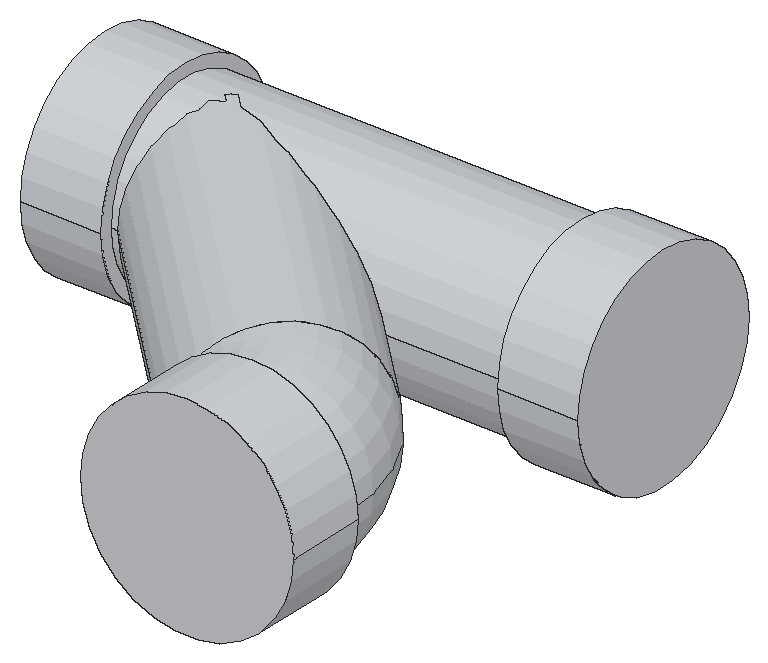
Revit family "TY 型三通 - PVC - Sch 40 - DWV", category 管件, Revit 2020
Family settings
  圆形连接件大小 = 使用半径
  零件类型 = T 形三通
  OmniClass 编号 = 23.60.30.11.14
  OmniClass 标题 = Pipework Fittings
  Seek 项目 ID = Wye Combination with 8th Bend - PVC - Sch 40 - DWV-0000-CAN-ENU
  基于工作平面 = 否
  总是垂直 = 是
  加载时剪切的空心 = 否
  共享 = 否
Parameters (values of type "标准")
  默认高程 = 0 mm
  壁厚 2 [instance] = size_lookup(查找表格名, "WThk", 0.02 * 公称直径 2 + 3.274 mm, 公称直径 2)  # 5.563 mm
  壁厚 1 [instance] = size_lookup(查找表格名, "WThk", 0.02 * 公称直径 1 + 3.274 mm, 公称直径 1)  # 5.563 mm
  记号尺寸 2 [instance] = 管件外径 2 * 0.4  # 35.56 mm
  记号尺寸 1 [instance] = 管件外径 1 * 0.4  # 35.56 mm
  套管外半径 2 [instance] = 套管外径 2 / 2  # 50.267 mm
  套管外半径 1 [instance] = 套管外径 1 / 2  # 50.267 mm
  套管外径 2 [instance] = 套管入口直径 2 + 壁厚 2 * 2  # 100.533 mm
  套管外径 1 [instance] = 套管入口直径 1 + 壁厚 1 * 2  # 100.533 mm
  套管入口直径 2 [instance] = size_lookup(查找表格名, "SED", 1.04 * 公称直径 2 + 9.426 mm, 公称直径 2)  # 89.408 mm
  套管入口直径 1 [instance] = size_lookup(查找表格名, "SED", 1.04 * 公称直径 1 + 9.426 mm, 公称直径 1)  # 89.408 mm
  套管深度 2 [instance] = size_lookup(查找表格名, "SDpt", 0.5 * 公称直径 2, 公称直径 2)  # 38.1 mm
  套管深度 1 [instance] = size_lookup(查找表格名, "SDpt", 0.5 * 公称直径 1, 公称直径 1)  # 38.1 mm
  套管底部到套管底部管路 [instance] = size_lookup(查找表格名, "SBtSBR", 88.9 mm + 0.56 * 公称直径 1 + 0.68 * 公称直径 2, 公称直径 1, 公称直径 2)  # 187.731 mm
  公称半径 2 [instance] = 40 mm
  公称半径 1 [instance] = 40 mm
  公称直径 2 [instance] = 公称半径 2 * 2  # 80 mm
  公称直径 1 [instance] = 公称半径 1 * 2  # 80 mm
  损失方法 = 未定义
  查找表格名 = "M_Wye Combination with 8th Bend - PVC - Sch 40 - DWV"
  长度 1 [instance] = 4572 mm  # constant formula
  插入点 2 X [instance] = 中心到套管底部支管 * tan(90.00° - 角度 2) + 长度 1  # 4572 mm
  插入点 1 X [instance] = 中心到套管底部支管 * tan(90.00° - 角度) + 长度 1  # 4572 mm
  管件外半径 2 [instance] = 管件外径 2 / 2  # 44.45 mm
  管件外半径 1 [instance] = 管件外径 1 / 2  # 44.45 mm
  管件外径 2 [instance] = size_lookup(查找表格名, "FOD", 1.04 * 公称直径 2 + 9.128 mm, 公称直径 2)  # 88.9 mm
  管件外径 1 [instance] = size_lookup(查找表格名, "FOD", 1.04 * 公称直径 1 + 9.128 mm, 公称直径 1)  # 88.9 mm
  中心到套管底部管路 [instance] = size_lookup(查找表格名, "CtSBR", 37.7 mm + 0.82 * 公称直径 1 + 0.76 * 公称直径 2, 公称直径 1, 公称直径 2)  # 158.75 mm
  中心到套管底部支管 [instance] = size_lookup(查找表格名, "CtSBB", 40 mm + 1.02 * 公称直径 1 + 0.56 * 公称直径 2, 公称直径 1, 公称直径 2)  # 159.537 mm
  中心半径 [instance] = 套管外半径 2 + 3.175 mm  # 53.442 mm
  中心点 2 Y [instance] = if(角度 2 < 90.00°, 长度 1 - 中心半径 * sin(abs(90.00° - 角度 2)), if(角度 2 = 90.00°, 长度 1, 长度 1 + 中心半径 * sin(abs(90.00° - 角度 2))))  # 4572 mm
  中心点 2 X [instance] = 中心半径 * cos(abs(90.00° - 角度 2))  # 53.442 mm
  中心点 1 Y [instance] = if(角度 < 90.00°, 长度 1 - 中心半径 * sin(abs(90.00° - 角度)), if(角度 = 90.00°, 长度 1, 长度 1 + 中心半径 * sin(abs(90.00° - 角度))))  # 4572 mm
  中心点 1 X [instance] = 中心半径 * cos(abs(90.00° - 角度))  # 53.442 mm
  支管套管末端 2 Y [instance] = 套管深度 2 * sin(角度 2)  # 38.1 mm
  支管套管末端 2 X [instance] = 长度 1 - 套管深度 2 * cos(角度 2)  # 4572 mm
  支管长度 2 标签 [instance] = if(支管长度 2 > 0 mm, 支管长度 2, 套管外半径 1 * 0.5)  # 172.178 mm
  支管长度 2 [instance] = (中心到套管底部支管 - 圆弧末端 2 Y) / sin(45.00°)  # 172.178 mm
  支管长度 1 标签 [instance] = if(支管长度 1 > 0 mm, 支管长度 1, 套管外半径 1 * 0.5)  # 172.178 mm
  支管套管末端 1 Y [instance] = 套管深度 2 * sin(角度)  # 38.1 mm
  支管套管末端 1 X [instance] = 长度 1 - 套管深度 2 * cos(角度)  # 4572 mm
  支管长度 1 [instance] = (中心到套管底部支管 - 圆弧末端 1 Y) / sin(45.00°)  # 172.178 mm
  圆弧末端 2 Y [instance] = 中心半径 * sin(45.00°) - 中心半径 * sin(90.00° - 角度 2)  # 37.789 mm
  圆弧末端 2 X [instance] = 中心半径 * cos(90.00° - 角度 2) - 中心半径 * cos(45.00°)  # 15.653 mm
  圆弧末端 1 Y [instance] = 中心半径 * sin(45.00°) - 中心半径 * sin(90.00° - 角度)  # 37.789 mm
  圆弧末端 1 X [instance] = 中心半径 * cos(90.00° - 角度) - 中心半径 * cos(45.00°)  # 15.653 mm
  角度 2 1 [instance] = if(角度 2 < 90.00°, 90.00° / 2 - (90.00° - 角度 2), 90.00° / 2 + (角度 2 - 90.00°))  # 45.00°
  角度 1 1 [instance] = if(角度 < 90.00°, 90.00° / 2 - (90.00° - 角度), 90.00° / 2 + (角度 - 90.00°))  # 45.00°
  角度 2 [instance] = 角度  # 90.00°
  角度 [instance] = 90.00°
Reference planes
  plane 1 "中心(前/后)": y = 0
  plane 2: z = 0
  plane 3 "中心(左/右)": x = 0
  plane 4: y = -159.537
  plane 5: x = -158.75
  plane 6: x = 28.981
  plane 7: x = -196.85
  plane 8: x = 67.081
  plane 9: x = 0
  plane 10: y = -4731.537
  plane 11: x = -53.442
  plane 12: y = -159.537
  plane 13: y = -121.748
  plane 14: x = -15.653
  plane 15: x = 0
  plane 16: x = 4572
  plane 17: y = -197.637
  plane 18: x = 0
  plane 19: y = 35.56
  plane 20: y = -35.56
  plane 21: y = 159.537
  plane 22: y = 159.537
  plane 23: y = 4731.537
  plane 24: x = -53.442
  plane 25: y = 121.748
  plane 26: x = -15.653
  plane 27: y = 197.637
  plane 28: x = 0
  plane 29: x = 0
  plane 30: x = 0
Forms (mm)
  Sweep 1, solid, detail levels fine
    path in 3D
      loop
        line (-158.75, 0, 0) -> (28.981, 0, 0)
    profile origin (-64.884, 0, 0) x (0, 1, 0) y (0, 0, 1)
      loop
        circle (0, 0) r 44.45
  Sweep 2, solid, detail levels fine
    path in 3D
      loop
        arc (0, -159.537, 0) -> (-4.068, -139.086, 0) -> (-15.653, -121.748, 0) r 53.442
        line (-15.653, -121.748, 0) -> (-137.401, 0, 0)
    profile origin (-76.527, -60.874, 0) x (-0.707107, -0.707107, 0) y (0, 0, 1)
      loop
        circle (0, 0) r 44.45
  Sweep 3, solid, detail levels fine
    path in 3D
      loop
        line (-196.85, 0, 0) -> (-158.75, 0, 0)
    profile origin (-177.8, 0, 0) x (0, 1, 0) y (0, 0, 1)
      loop
        circle (0, 0) r 50.267
  Sweep 4, solid, detail levels fine
    path in 3D
      loop
        line (28.981, 0, 0) -> (67.081, 0, 0)
    profile origin (48.031, 0, 0) x (0, 1, 0) y (0, 0, 1)
      loop
        circle (0, 0) r 50.267
  Sweep 5, solid, detail levels fine
    path in 3D
      loop
        line (0, -159.537, 0) -> (0, -197.637, 0)
    profile origin (0, -178.587, 0) x (1, 0, 0) y (0, 0, 1)
      loop
        circle (0, 0) r 50.267
Cuts and joins
  joined: Sweep 1, Sweep 3, Sweep 4, Sweep 5
Lines and regions (mm)
  model lines, detail levels coarse+medium
    curve 1: line (-158.75, 0, 0) -> (28.981, 0, 0)
    curve 2: line (-196.85, 0, 0) -> (-158.75, 0, 0)
    curve 3: line (28.981, 0, 0) -> (67.081, 0, 0)
    curve 4: arc (0, -159.537, 0) -> (-4.068, -139.086, 0) -> (-15.653, -121.748, 0) r 53.442
    curve 5: line (-15.653, -121.748, 0) -> (-137.401, 0, 0)
    curve 6: line (0, -159.537, 0) -> (0, -197.637, 0)
    curve 16: line (-196.85, 35.56, 0) -> (-196.85, -35.56, 0)
    curve 17: line (67.081, 35.56, 0) -> (67.081, -35.56, 0)
    curve 18: line (0, -197.637, 0) -> (35.56, -197.637, 0)
    curve 19: line (0, -197.637, 0) -> (-35.56, -197.637, 0)
  sketch lines
    curve 7: line (-158.75, 0, 0) -> (28.981, 0, 0)
    curve 8: line (-15.653, -121.748, 0) -> (-137.401, 0, 0)
    curve 9: arc (0, -159.537, 0) -> (-4.068, -139.086, 0) -> (-15.653, -121.748, 0) r 53.442
    curve 10: line (-196.85, 0, 0) -> (-158.75, 0, 0)
    curve 11: line (28.981, 0, 0) -> (67.081, 0, 0)
    curve 12: line (0, -159.537, 0) -> (0, -197.637, 0)
  reference lines
    curve 13: line (-196.85, 0, 0) -> (-158.75, 0, 0)
    curve 14: line (28.981, 0, 0) -> (67.081, 0, 0)
    curve 15: line (0, -197.637, 0) -> (0, -180.188, 0)
    curve 20: line (0, 197.637, 0) -> (0, 180.188, 0)
Dimensions and locks
  "中心到套管底部支管": plane 1 "中心(前/后)" to plane 4
  "套管底部到套管底部管路": plane 5 to plane 6
  "套管深度 1": plane 7 to plane 5
  "套管深度 1": plane 6 to plane 8
  "中心到套管底部管路": plane 5 to plane 9
  "长度 1": plane 4 to plane 10
  "中心点 1 X": plane 11 to plane 9
  "中心点 1 Y": plane 12 to plane 10
  "圆弧末端 1 X": plane 14 to plane 9
  "圆弧末端 1 Y": plane 13 to plane 4
  "支管长度 1 标签": curve 5 to curve 5
  "套管深度 2": curve 6 to curve 6
  "长度 1": plane 9 to plane 16
  "插入点 1 X": plane 15 to plane 16
  "支管套管末端 1 Y": plane 4 to plane 17
  "支管套管末端 1 X": plane 18 to plane 16
  "记号尺寸 1": plane 1 "中心(前/后)" to plane 19
  "记号尺寸 1": plane 1 "中心(前/后)" to plane 20
  "记号尺寸 2": curve 18 to curve 18
  "记号尺寸 2": curve 19 to curve 19
  "中心到套管底部支管": plane 1 "中心(前/后)" to plane 21
  "长度 1": plane 21 to plane 23
  "中心点 2 Y": plane 22 to plane 23
  "中心点 2 X": plane 24 to plane 9
  "圆弧末端 2 Y": plane 25 to plane 21
  "圆弧末端 2 X": plane 26 to plane 9
  "支管套管末端 2 Y": plane 21 to plane 27
  "支管套管末端 2 X": plane 28 to plane 16
  "插入点 2 X": plane 29 to plane 16
  equal spacing: plane 15, plane 30, plane 29
  locked: plane 30 to plane 3 "中心(左/右)"
  "中心半径": radius of curve 4
  "管件外半径 1": radius of Sweep 1 sketch curve
  "管件外半径 2": radius of Sweep 2 sketch curve
  "套管外半径 1": radius of Sweep 3 sketch curve
  "套管外半径 1": radius of Sweep 4 sketch curve
  "套管外半径 2": radius of Sweep 5 sketch curve
  "角度 1 1": angle curve 4 to curve 4
  locked: curve 5 to plane 1 "中心(前/后)" (angle 45.00°)
  "角度": angle curve 6 to plane 4
  "角度": angle curve 15 to plane 1 "中心(前/后)"
  locked: curve 18 to curve 15 (angle 90.00°)
  locked: curve 15 to curve 19 (angle 90.00°)
  "角度 2": angle plane 1 "中心(前/后)" to curve 20
  aligned and locked: plane 7 to curve 2
  aligned and locked: plane 1 "中心(前/后)" to curve 2
  aligned and locked: plane 5 to curve 1
  aligned and locked: plane 6 to curve 1
  aligned and locked: plane 1 "中心(前/后)" to curve 1
  aligned and locked: plane 8 to curve 3
  aligned and locked: plane 1 "中心(前/后)" to curve 3
  aligned and locked: plane 11 to curve 4
  aligned and locked: plane 8 to curve 14
  aligned and locked: plane 1 "中心(前/后)" to curve 14
  aligned and locked: plane 7 to curve 13
  aligned and locked: plane 1 "中心(前/后)" to curve 13
  aligned and locked: Sweep 5 to curve 15
  aligned and locked: plane 18 to curve 15
  aligned and locked: plane 19 to curve 16
  aligned and locked: plane 20 to curve 16
  aligned and locked: plane 19 to curve 17
  aligned and locked: plane 20 to curve 17
  aligned and locked: curve 16 to plane 7
  aligned and locked: curve 17 to plane 8
  aligned and locked: plane 27 to curve 20
  aligned and locked: plane 28 to curve 20
  aligned and locked: plane 12 to curve 4
Automatic sketch dimensions
  curve 13 to plane 5 = 0 mm
  curve 14 to plane 6 = 0 mm
  curve 15 to plane 17 = 0 mm
  Sweep 1 sketch curve to profile plane = 0 mm  (x2)
  Sweep 2 sketch curve to profile plane = 0 mm
  profile plane to Sweep 2 sketch curve = 0 mm
  Sweep 3 sketch curve to profile plane = 0 mm  (x2)
  Sweep 4 sketch curve to profile plane = 0 mm  (x2)
  profile plane to Sweep 5 sketch curve = 0 mm
  Sweep 5 sketch curve to profile plane = 0 mm
Connectors
  piping at (-196.85, 0, 0), diameter 80, driven by "公称半径 1"
    settings: on cut or joined group of Sweep 1, Sweep 3, Sweep 4, Sweep 5, index 1, connector inside diameter 40 mm, connector length 0 mm, flow factor 0, pipe flow 0.0 L/s, pressure drop 0.0 Pa, fitting loss kfactor 0, connector angle 0.00°, fixture units 0, engagement length 0 mm, angle of deflection 0.00°, flow configuration 0, flow direction 0, fitting loss method 0, system type 28, joint type 0, gender type 0, connector reference index 2, connector utility 0, adjustable connector no, is connector primary yes, connector description ""
  piping at (67.081, 0, 0), diameter 80, driven by "公称半径 1"
    settings: on cut or joined group of Sweep 1, Sweep 3, Sweep 4, Sweep 5, index 2, connector inside diameter 40 mm, connector length 0 mm, flow factor 0, pipe flow 0.0 L/s, pressure drop 0.0 Pa, fitting loss kfactor 0, connector angle 0.00°, fixture units 0, engagement length 0 mm, angle of deflection 0.00°, flow configuration 0, flow direction 0, fitting loss method 0, system type 28, joint type 0, gender type 0, connector reference index 1, connector utility 0, adjustable connector no, is connector primary no, connector description ""
  piping at (0, -197.637, 0), diameter 80, driven by "公称半径 2", driven by "角度"
    settings: on cut or joined group of Sweep 1, Sweep 3, Sweep 4, Sweep 5, index 3, connector inside diameter 40 mm, connector length 0 mm, flow factor 0, pipe flow 0.0 L/s, pressure drop 0.0 Pa, fitting loss kfactor 0, connector angle 90.00°, fixture units 0, engagement length 0 mm, angle of deflection 0.00°, flow configuration 0, flow direction 0, fitting loss method 0, system type 28, joint type 0, gender type 0, connector reference index -1, connector utility 0, adjustable connector no, is connector primary no, connector description ""
